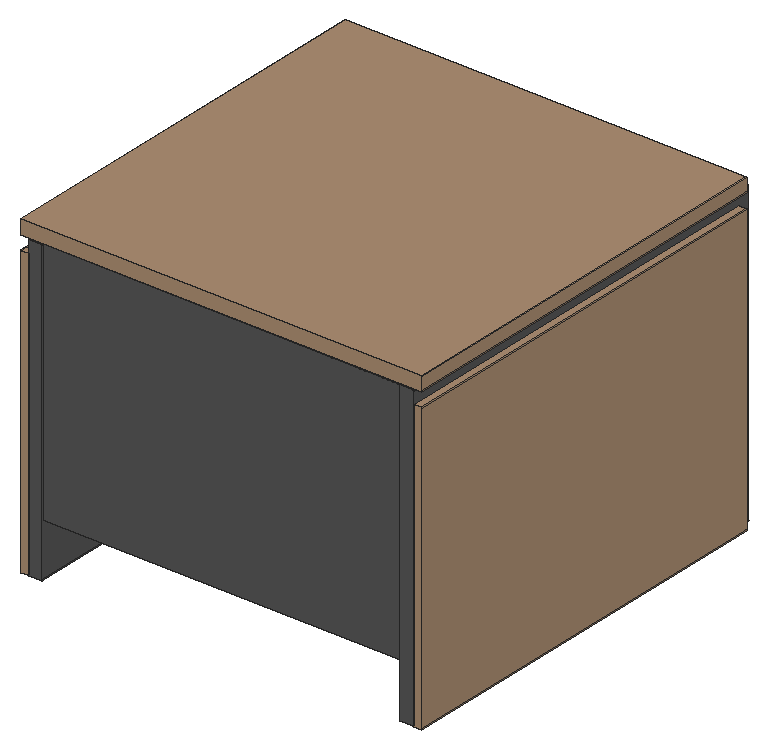
Revit family "Sanitary_Compound-Units_hansgrohe_54247XXX-Xilesa-E-Vanity-unit_480-380_1-drawer_handrise-basin", category Furniture, host Face, Revit 2022
Family settings
  Host = Face
  OmniClass Number = 23.21.19.15.33.13
  OmniClass Title = Residential Bathroom Specialty Casework
  Cut with Voids When Loaded = No
  Render Appearance Source = Family Geometry
  Shared = No
  Room Calculation Point = No
Parameters (values of type "550 Cashmere Oak")
  Version = 1  # constant formula
  URL = "https://www.hansgrohe.com/"
  Product data url = "https://www.bimobject.com/en/hansgrohe/product/54247XXX"
  Product Page URL = "https://www.hansgrohe.com/articledetail--54247550"
  Model = "54247XXX"  # constant formula
  Material 3 = Hansgrohe - Metal - Black
  Material 2 = Hansgrohe - MDF - Matt Black
  Material 1 = Hansgrohe - MDF - 550 Cashmere Oak
  Manufacturer = "Hansgrohe"  # constant formula
  Height = 0 mm
  Description = "Xilesa E Vanity unit 480/380 with 1 drawer for handrinse basin"  # constant formula
  Default Elevation = 0 mm
  Date Updated = ""
  Date Created = "2024/02/03"  # constant formula
Types (5, lengths in mm): name | Material 1
  (no name) | Hansgrohe - MDF - 550 Cashmere Oak
  550 Cashmere Oak | Hansgrohe - MDF - 550 Cashmere Oak
  700 Matt White | Hansgrohe - MDF - 700 Matt White
  760 Slate Matt Grey | Hansgrohe - MDF - 760 Slate Matt Grey
  780 Sand Matt Beige | Hansgrohe - MDF - 780 Sand Matt Beige
Reference planes
  plane 1 "Center (Front/Back)": y = 0
  plane 2: z = 0
  plane 3 "Center (Left/Right)": x = 0
  plane 4: x = 240
  plane 5: x = -240
  plane 6: y = -500
  plane 7: z = 378
Dimensions and locks
  aligned and locked: plane 2 to host face
  aligned and locked: level to host face
Nested families
  nested 1: "54247XXX" at (0, -500, 0) x (1, 0, 0) z (0, 1, 0), Material 1 <- "Material 1", Material 2 <- "Material 2", Material 3 <- "Material 3", type "54247XXX"
    with Material 3 Hansgrohe - Metal - Black, Material 2 Hansgrohe - MDF - Matt Black, Material 1 Hansgrohe - MDF - 550 Cashmere Oak
Definition of nested family "54247XXX"
  Parameters (values of type "54247XXX")
    Version = 1  # constant formula
    URL = "https://www.hansgrohe.com/"
    Product data url = "https://www.bimobject.com/en/hansgrohe/product/54247XXX"
    Product Page URL = "https://www.hansgrohe.com/articledetail--54247550"
    Model = "54247XXX"  # constant formula
    Material 3 [instance] = none
    Material 2 [instance] = none
    Material 1 [instance] = none
    Manufacturer = "Hansgrohe"  # constant formula
    Description = "Xilesa E Vanity unit 480/380 with 1 drawer for handrinse basin"  # constant formula
    Default Elevation = 1219.2 mm
    Date Updated = ""
    Date Created = "2024/12/16"  # constant formula
  Reference planes
    plane 1 "Center (Front/Back)": y = 0
    plane 2: z = 0
    plane 3 "Center (Left/Right)": x = 0
  Forms (mm)
    Extrusion 1, solid, material <- "Material 1", detail levels medium+fine
      sketch origin (0, 0, 0) x (1, 0, 0) y (0, 1, 0)
        loop
          line (-230.6, 0) -> (-239.2, 0)
          arc (-239.2, 0) -> (-239.766, -0.234) -> (-240, -0.8) r 0.8
          line (-240, -0.8) -> (-240, -343.9)
          arc (-240, -343.9) -> (-239.766, -344.466) -> (-239.2, -344.7) r 0.8
          line (-239.2, -344.7) -> (-230.6, -344.7)
          arc (-230.6, -344.7) -> (-230.034, -344.466) -> (-229.8, -343.9) r 0.8
          line (-229.8, -343.9) -> (-229.8, -0.8)
          arc (-229.8, -0.8) -> (-230.034, -0.234) -> (-230.6, 0) r 0.8
        loop
          arc (230.6, 0) -> (230.034, -0.234) -> (229.8, -0.8) r 0.8
          line (229.8, -0.8) -> (229.8, -343.9)
          arc (229.8, -343.9) -> (230.034, -344.466) -> (230.6, -344.7) r 0.8
          line (230.6, -344.7) -> (239.2, -344.7)
          arc (239.2, -344.7) -> (239.766, -344.466) -> (240, -343.9) r 0.8
          line (240, -343.9) -> (240, -0.8)
          arc (240, -0.8) -> (239.766, -0.234) -> (239.2, 0) r 0.8
          line (239.2, 0) -> (230.6, 0)
      from 0 to 485
    Extrusion 2, solid, material <- "Material 1", detail levels medium+fine
      sketch origin (0, 0, 0) x (1, 0, 0) y (0, 1, 0)
        loop
          line (-239.2, -378) -> (239.2, -378)
          arc (239.2, -378) -> (239.766, -377.766) -> (240, -377.2) r 0.8
          line (240, -377.2) -> (240, -362.5)
          arc (240, -362.5) -> (239.766, -361.934) -> (239.2, -361.7) r 0.8
          line (239.2, -361.7) -> (-239.2, -361.7)
          arc (-239.2, -361.7) -> (-239.766, -361.934) -> (-240, -362.5) r 0.8
          line (-240, -362.5) -> (-240, -377.2)
          arc (-240, -377.2) -> (-239.766, -377.766) -> (-239.2, -378) r 0.8
      from 0 to 485
    Extrusion 3, solid, material <- "Material 2", detail levels medium+fine
      sketch origin (0, 0, 0) x (1, 0, 0) y (0, 1, 0)
        loop
          line (-229.8, -0.8) -> (-229.8, -358.9)
          arc (-229.8, -358.9) -> (-229.566, -359.466) -> (-229, -359.7) r 0.8
          line (-229, -359.7) -> (-214.6, -359.7)
          arc (-214.6, -359.7) -> (-214.034, -359.466) -> (-213.8, -358.9) r 0.8
          line (-213.8, -358.9) -> (-213.8, -0.8)
          arc (-213.8, -0.8) -> (-214.034, -0.234) -> (-214.6, 0) r 0.8
          line (-214.6, 0) -> (-229, 0)
          arc (-229, 0) -> (-229.566, -0.234) -> (-229.8, -0.8) r 0.8
        loop
          arc (229.8, -0.8) -> (229.566, -0.234) -> (229, 0) r 0.8
          line (229, 0) -> (214.6, 0)
          arc (214.6, 0) -> (214.034, -0.234) -> (213.8, -0.8) r 0.8
          line (213.8, -0.8) -> (213.8, -358.9)
          arc (213.8, -358.9) -> (214.034, -359.466) -> (214.6, -359.7) r 0.8
          line (214.6, -359.7) -> (229, -359.7)
          arc (229, -359.7) -> (229.566, -359.466) -> (229.8, -358.9) r 0.8
          line (229.8, -358.9) -> (229.8, -0.8)
      from 0 to 500
    Extrusion 4, solid, material <- "Material 2", detail levels fine
      sketch origin (0, 0, 0) x (1, 0, 0) y (0, 1, 0)
        loop
          line (-213.8, -65.2) -> (-213.8, -81.2) -> (213.8, -81.2) -> (213.8, -65.2) -> (-213.8, -65.2)
      from 17 to 125
    Extrusion 5, solid, material <- "Material 2", detail levels fine
      sketch origin (0, 0, 0) x (1, 0, 0) y (0, 1, 0)
        loop
          line (-213.8, -64.7) -> (-213.8, -359.7) -> (213.8, -359.7) -> (213.8, -64.7) -> (-213.8, -64.7)
      from 1 to 17
    Extrusion 6, solid, material <- "Material 2", detail levels fine
      sketch origin (0, 0, 0) x (1, 0, 0) y (0, 1, 0)
        loop
          line (-212.3, -356.9) -> (-212.3, -329.2) -> (-213.8, -329.2) -> (-213.8, -356.9)
          arc (-213.8, -356.9) -> (-213.126, -358.527) -> (-211.5, -359.2) r 2.3
          line (-211.5, -359.2) -> (211.5, -359.2)
          arc (211.5, -359.2) -> (213.126, -358.527) -> (213.8, -356.9) r 2.3
          line (213.8, -356.9) -> (213.8, -329.2) -> (212.3, -329.2) -> (212.3, -356.9)
          arc (212.3, -356.9) -> (212.066, -357.466) -> (211.5, -357.7) r 0.8
          line (211.5, -357.7) -> (-211.5, -357.7)
          arc (-211.5, -357.7) -> (-212.066, -357.466) -> (-212.3, -356.9) r 0.8
      from 449.5 to 499.5
    Extrusion 7, solid, material <- "Material 3", detail levels fine
      sketch origin (0, 0, 1) x (1, 0, 0) y (0, 0, 1)
        loop
          line (202.091, 33.98) -> (202.091, 115.48) -> (183.591, 115.48) -> (182.786, 100.114) -> (180.22, 99.98) -> (177.791, 53.623)
          arc (177.791, 53.623) -> (176.271, 50.325) -> (172.898, 48.98) r 4.9
          line (172.898, 48.98) -> (172.898, 33.98) -> (202.091, 33.98)
        loop
          line (-202.091, 33.98) -> (-172.898, 33.98) -> (-172.898, 48.98)
          arc (-172.898, 48.98) -> (-176.271, 50.325) -> (-177.791, 53.623) r 4.9
          line (-177.791, 53.623) -> (-180.22, 99.98) -> (-182.786, 100.114) -> (-183.591, 115.48) -> (-202.091, 115.48) -> (-202.091, 33.98)
      from 109.4 to 361.7
    Extrusion 8, solid, material <- "Material 3", detail levels fine
      sketch origin (0, 0, 1) x (1, 0, 0) y (0, 0, 1)
        loop
          line (198.3, 213.03) -> (198.3, 231.03) -> (183.3, 231.03) -> (183.3, 224.03) -> (192.95, 224.03) -> (192.95, 213.03) -> (198.3, 213.03)
      from 88.7 to 272.7
    Extrusion 9, solid, material <- "Material 3", detail levels fine
      sketch origin (0, 0, 1) x (1, 0, 0) y (0, 0, 1)
        loop
          line (200.05, 211.28) -> (200.05, 232.78) -> (181.55, 232.78) -> (181.55, 211.28) -> (200.05, 211.28)
      from 361.7 to 272.7
    Extrusion 10, solid, material <- "Material 3", detail levels fine
      sketch origin (0, 0, 1) x (1, 0, 0) y (0, 0, 1)
        loop
          line (-192.5, 223.8) -> (-192.5, 113.608) -> (-198.2, 97.947) -> (-198.2, 48) -> (-169.9, 48) -> (-169.9, 223.8) -> (-192.5, 223.8)
        loop
          line (192.5, 223.8) -> (169.9, 223.8) -> (169.9, 48) -> (198.2, 48) -> (198.2, 97.947) -> (192.5, 113.608) -> (192.5, 223.8)
      from 91.9 to 109.4
    Extrusion 11, void
      sketch origin (0, 0, 1) x (1, 0, 0) y (0, 0, 1)
        loop
          line (-191.5, 222.8) -> (-191.5, 113.431) -> (-197.2, 97.771) -> (-197.2, 49) -> (-170.9, 49) -> (-170.9, 222.8) -> (-191.5, 222.8)
        loop
          line (191.5, 222.8) -> (170.9, 222.8) -> (170.9, 49) -> (197.2, 49) -> (197.2, 97.771) -> (191.5, 113.431) -> (191.5, 222.8)
      from 91.9 to 108.7
    Extrusion 12, solid, material <- "Material 2", detail levels fine
      sketch origin (0, 0, 1) x (0, 1, 0) y (0, 0, 1)
        loop
          line (-92.7, 32.5) -> (-92.7, 113.5)
          arc (-92.7, 113.5) -> (-92.847, 113.854) -> (-93.2, 114) r 0.5
          line (-93.2, 114) -> (-108.2, 114)
          arc (-108.2, 114) -> (-108.554, 113.854) -> (-108.7, 113.5) r 0.5
          line (-108.7, 113.5) -> (-108.7, 32.5)
          arc (-108.7, 32.5) -> (-108.554, 32.146) -> (-108.2, 32) r 0.5
          line (-108.2, 32) -> (-93.2, 32)
          arc (-93.2, 32) -> (-92.847, 32.146) -> (-92.7, 32.5) r 0.5
      from -170 to 170
    Extrusion 13, solid, material <- "Material 3", detail levels fine
      sketch origin (0, 0, 1) x (-1, 0, 0) y (0, 0, -1)
        loop
          line (198.3, -213.03) -> (192.95, -213.03) -> (192.95, -224.03) -> (183.3, -224.03) -> (183.3, -231.03) -> (198.3, -231.03) -> (198.3, -213.03)
      from 88.7 to 272.7
    Extrusion 14, solid, material <- "Material 3", detail levels fine
      sketch origin (0, 0, 1) x (-1, 0, 0) y (0, 0, -1)
        loop
          line (200.05, -211.28) -> (181.55, -211.28) -> (181.55, -232.78) -> (200.05, -232.78) -> (200.05, -211.28)
      from 361.7 to 272.7
    Extrusion 15, solid, material <- "Material 1", detail levels coarse
      sketch origin (0, 0, 0) x (1, 0, 0) y (0, 1, 0)
        loop
          line (-240, -378) -> (240, -378) -> (240, 0) -> (213.8, 0) -> (213.8, -361.7) -> (-213.8, -361.7) -> (-213.8, 0) -> (-240, 0) -> (-240, -378)
      from 0 to 500
    Extrusion 16, solid, material <- "Material 2", detail levels fine
      sketch origin (0, 0, 1) x (1, 0, 0) y (0, 0, 1)
        loop
          line (-172.898, 33.98) -> (172.898, 33.98) -> (172.898, 48.98) -> (-172.898, 48.98) -> (-172.898, 33.98)
      from 109.4 to 361.7
  Cuts and joins
    Extrusion 11 cuts Extrusion 10
  Lines and regions (mm)
    Masking region 1
      outline origin (0, 0, 0) x (1, 0, 0) y (0, 1, 0)
        loop
          line (-240, -0.8) -> (-240, -343.9)
          arc (-240, -343.9) -> (-239.766, -344.466) -> (-239.2, -344.7) r 0.8
          line (-239.2, -344.7) -> (-230.6, -344.7)
          arc (-230.6, -344.7) -> (-230.034, -344.466) -> (-229.8, -343.9) r 0.8
          line (-229.8, -343.9) -> (-229.8, -361.7) -> (-239.2, -361.7)
          arc (-239.2, -361.7) -> (-239.766, -361.934) -> (-240, -362.5) r 0.8
          line (-240, -362.5) -> (-240, -377.2)
          arc (-240, -377.2) -> (-239.766, -377.766) -> (-239.2, -378) r 0.8
          line (-239.2, -378) -> (0, -378) -> (239.2, -378)
          arc (239.2, -378) -> (239.766, -377.766) -> (240, -377.2) r 0.8
          line (240, -377.2) -> (240, -362.5)
          arc (240, -362.5) -> (239.766, -361.934) -> (239.2, -361.7) r 0.8
          line (239.2, -361.7) -> (229.8, -361.7) -> (229.8, -343.9)
          arc (229.8, -343.9) -> (230.034, -344.466) -> (230.6, -344.7) r 0.8
          line (230.6, -344.7) -> (239.2, -344.7)
          arc (239.2, -344.7) -> (239.766, -344.466) -> (240, -343.9) r 0.8
          line (240, -343.9) -> (240, -0.8)
          arc (240, -0.8) -> (239.766, -0.234) -> (239.2, 0) r 0.8
          line (239.2, 0) -> (230.6, 0)
          arc (230.6, 0) -> (230.034, -0.234) -> (229.8, -0.8) r 0.8
          arc (229.8, -0.8) -> (229.566, -0.234) -> (229, 0) r 0.8
          line (229, 0) -> (214.6, 0)
          arc (214.6, 0) -> (214.034, -0.234) -> (213.8, -0.8) r 0.8
          line (213.8, -0.8) -> (213.8, -65.2) -> (0, -65.2) -> (-213.8, -65.2) -> (-213.8, -0.8)
          arc (-213.8, -0.8) -> (-214.034, -0.234) -> (-214.6, 0) r 0.8
          line (-214.6, 0) -> (-229, 0)
          arc (-229, 0) -> (-229.566, -0.234) -> (-229.8, -0.8) r 0.8
          arc (-229.8, -0.8) -> (-230.034, -0.234) -> (-230.6, 0) r 0.8
          line (-230.6, 0) -> (-239.2, 0)
          arc (-239.2, 0) -> (-239.766, -0.234) -> (-240, -0.8) r 0.8
    Masking region 2
      outline origin (0, 0, 0) x (0, 1, 0) y (0, 0, 1)
        loop
          line (-359.7, 500) -> (-359.7, 233.78) -> (-361.7, 233.78) -> (-361.7, 485) -> (-378, 485) -> (-378, 0) -> (-361.7, 0) -> (-361.7, 34.98) -> (-359.7, 34.98) -> (-359.7, 0) -> (0, 0) -> (0, 500) -> (-359.7, 500)
    Masking region 3
      outline origin (0, 0, 0) x (1, 0, 0) y (0, 0, 1)
        loop
          line (-240, 485) -> (-240, 0) -> (0, 0) -> (240, 0) -> (240, 485) -> (229.8, 485) -> (229.8, 500) -> (0, 500) -> (-229.8, 500) -> (-229.8, 485) -> (-240, 485)
    symbolic lines, detail levels medium+fine
      curve 1: line (-229.8, -361.7, 0) -> (0, -361.7, 0)
      curve 2: line (-213.8, -65.2, 0) -> (-213.8, -361.7, 0)
      curve 3: line (-229.8, -0.8, 0) -> (-229.8, -343.9, 0)
      curve 4: line (-213.8, -81.2, 0) -> (0, -81.2, 0)
      curve 25: line (229.8, -361.7, 0) -> (0, -361.7, 0)
      curve 26: line (213.8, -65.2, 0) -> (213.8, -361.7, 0)
      curve 27: line (229.8, -0.8, 0) -> (229.8, -343.9, 0)
      curve 28: line (213.8, -81.2, 0) -> (0, -81.2, 0)
      curve 49: line (0, -361.7, 34.98) -> (0, -361.7, 233.78)
      curve 50: line (0, -359.7, 233.78) -> (0, -359.7, 34.98)
      curve 53: line (0, -361.7, 211.28) -> (0, -359.7, 211.28)
      curve 54: line (0, -361.7, 116.48) -> (0, -359.7, 116.48)
      curve 55: line (-229.8, 0, 485) -> (229.8, 0, 485)
      curve 56: line (-213.8, 0, 500) -> (-213.8, 0, 485)
      curve 57: line (213.8, 0, 500) -> (213.8, 0, 485)
    symbolic lines, detail levels fine
      curve 5: line (-202.091, -81.2, 0) -> (-202.091, -357.7, 0)
      curve 6: line (-180.22, -81.2, 0) -> (-180.22, -91.9, 0)
      curve 7: line (0, -91.9, 0) -> (-183.3, -91.9, 0)
      curve 8: line (-183.3, -109.4, 0) -> (0, -109.4, 0)
      curve 9: line (-198.3, -88.7, 0) -> (-198.3, -271.7, 0)
      curve 10: line (-183.3, -88.7, 0) -> (-198.3, -88.7, 0)
      curve 11: line (-200.05, -271.7, 0) -> (-200.05, -357.7, 0)
      curve 12: line (-200.05, -271.7, 0) -> (-181.55, -271.7, 0)
      curve 13: line (-181.55, -271.7, 0) -> (-181.55, -357.7, 0)
      curve 14: line (0, -357.7, 0) -> (-211.5, -357.7, 0)
      curve 15: arc (-211.5, -357.7, 0) -> (-212.066, -357.466, 0) -> (-212.3, -356.9, 0) r 0.8
      curve 16: line (-212.3, -356.9, 0) -> (-212.3, -329.2, 0)
      curve 17: line (-212.3, -329.2, 0) -> (-213.8, -329.2, 0)
      curve 18: arc (-213.8, -356.9, 0) -> (-213.126, -358.527, 0) -> (-211.5, -359.2, 0) r 2.3
      curve 19: line (-211.5, -359.2, 0) -> (0, -359.2, 0)
      curve 20: line (-202.091, -359.2, 0) -> (-202.091, -361.7, 0)
      curve 21: line (-200.05, -359.2, 0) -> (-200.05, -361.7, 0)
      curve 22: line (-183.3, -271.7, 0) -> (-183.3, -88.7, 0)
      curve 23: line (-181.55, -359.2, 0) -> (-181.55, -361.7, 0)
      curve 24: line (-180.22, -359.2, 0) -> (-180.22, -361.7, 0)
      curve 29: line (202.091, -81.2, 0) -> (202.091, -357.7, 0)
      curve 30: line (180.22, -81.2, 0) -> (180.22, -91.9, 0)
      curve 31: line (0, -91.9, 0) -> (183.3, -91.9, 0)
      curve 32: line (183.3, -109.4, 0) -> (0, -109.4, 0)
      curve 33: line (198.3, -88.7, 0) -> (198.3, -271.7, 0)
      curve 34: line (183.3, -88.7, 0) -> (198.3, -88.7, 0)
      curve 35: line (200.05, -271.7, 0) -> (200.05, -357.7, 0)
      curve 36: line (200.05, -271.7, 0) -> (181.55, -271.7, 0)
      curve 37: line (181.55, -271.7, 0) -> (181.55, -357.7, 0)
      curve 38: line (0, -357.7, 0) -> (211.5, -357.7, 0)
      curve 39: arc (211.5, -357.7, 0) -> (212.066, -357.466, 0) -> (212.3, -356.9, 0) r 0.8
      curve 40: line (212.3, -356.9, 0) -> (212.3, -329.2, 0)
      curve 41: line (212.3, -329.2, 0) -> (213.8, -329.2, 0)
      curve 42: arc (213.8, -356.9, 0) -> (213.126, -358.527, 0) -> (211.5, -359.2, 0) r 2.3
      curve 43: line (211.5, -359.2, 0) -> (0, -359.2, 0)
      curve 44: line (202.091, -359.2, 0) -> (202.091, -361.7, 0)
      curve 45: line (200.05, -359.2, 0) -> (200.05, -361.7, 0)
      curve 46: line (183.3, -271.7, 0) -> (183.3, -88.7, 0)
      curve 47: line (181.55, -359.2, 0) -> (181.55, -361.7, 0)
      curve 48: line (180.22, -359.2, 0) -> (180.22, -361.7, 0)
      curve 51: line (0, 0, 485) -> (0, -344.7, 485)
      curve 52: line (0, -344.7, 485) -> (0, -344.7, 0)
      curve 58: line (-180.22, -109.4, 0) -> (-180.22, -357.7, 0)
      curve 59: line (180.22, -109.4, 0) -> (180.22, -357.7, 0)
  Dimensions and locks
    aligned and locked: level to plane 2
